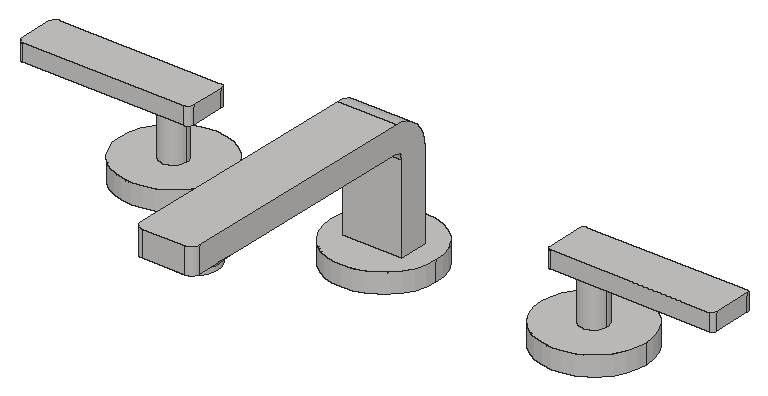
Revit family "SB-2721", category Plumbing Fixtures, Revit 2023
Family settings
  Round Connector Dimension = Use Diameter
  Part Type = Normal
  OmniClass Number = 23.45.00.00
  OmniClass Title = Sanitary, Laundry, and Cleaning Equipment
  Work Plane-Based = No
  Enable Cutting in Views = No
  Always vertical = Yes
  Cut with Voids When Loaded = No
  Maintain Annotation Orientation = No
  Shared = No
  Room Calculation Point = No
Parameters
  Default Elevation = 0' - 0"
Reference planes (in)
  plane 1 "Center (Front/Back)": y = 0
  plane 2: z = 0
  plane 3 "Center (Left/Right)": x = 0
  plane 4: x = -4
  plane 5: x = 4
  plane 6: z = 0.375
  plane 7: z = 1.25
  plane 8: x = -6.625
  plane 9: x = 6.625
  plane 10: x = -0.562
  plane 11: x = 0.562
  plane 12: x = -3.375
  plane 13: x = 3.375
  plane 14: y = -4
  plane 15: z = 2.125
  plane 16: y = 0.27221
  plane 17: y = -5.23479
  plane 18: y = 1
  plane 19: z = 1.625
Forms (in)
  Extrusion 1, solid, material "Metals"
    sketch origin (0, 0, 0) x (1, 0, 0) y (0, 1, 0)
      loop
        circle (-4, 0) r 1
      loop
        circle (0, 0) r 1
      loop
        circle (4, 0) r 1
    from 0 to 0.375
  Extrusion 2, solid, material "Metals"
    sketch origin (0, 0, 0) x (1, 0, 0) y (0, 1, 0)
      loop
        circle (-4, 0) r 0.25
      loop
        circle (4, 0) r 0.25
    from 0.375 to 1.25
  Extrusion 3, solid, material "Metals"
    sketch origin (0, 0, 0) x (1, 0, 0) y (0, 0, 1)
      loop
        line (-6.625, 1.625) -> (-6.625, 1.30082) -> (-3.34938, 1.30082) -> (-3.34938, 1.625) -> (-6.625, 1.625)
      loop
        line (3.44834, 1.625) -> (3.44834, 1.30082) -> (6.625, 1.30082) -> (6.625, 1.625) -> (3.44834, 1.625)
    from -0.43475 to 0.43475
  Extrusion 4, void
    sketch origin (0, 0, 0) x (1, 0, 0) y (0, 1, 0)
      loop
        arc (-6.625, 0.32078) -> (-6.59162, 0.40137) -> (-6.51103, 0.43475) r 0.11397
        line (-6.51103, 0.43475) -> (-6.625, 0.43475) -> (-6.625, 0.32078)
      loop
        line (-6.625, -0.32078) -> (-6.625, -0.43475) -> (-6.51103, -0.43475)
        arc (-6.51103, -0.43475) -> (-6.59162, -0.40137) -> (-6.625, -0.32078) r 0.11397
      loop
        line (-3.34938, 0.32078) -> (-3.34938, 0.43475) -> (-3.46335, 0.43475)
        arc (-3.46335, 0.43475) -> (-3.38276, 0.40137) -> (-3.34938, 0.32078) r 0.11397
      loop
        arc (-3.34938, -0.32078) -> (-3.38276, -0.40137) -> (-3.46335, -0.43475) r 0.11397
        line (-3.46335, -0.43475) -> (-3.34938, -0.43475) -> (-3.34938, -0.32078)
    from 1.30082 to 1.625
  Extrusion 5, void
    sketch origin (0, 0, 0) x (1, 0, 0) y (0, 1, 0)
      loop
        arc (6.55314, 0.43475) -> (6.60395, 0.41371) -> (6.625, 0.3629) r 0.07186
        line (6.625, 0.3629) -> (6.625, 0.43475) -> (6.55314, 0.43475)
      loop
        line (6.55314, -0.43475) -> (6.625, -0.43475) -> (6.625, -0.3629)
        arc (6.625, -0.3629) -> (6.60395, -0.41371) -> (6.55314, -0.43475) r 0.07186
      loop
        line (3.5202, 0.43475) -> (3.44834, 0.43475) -> (3.44834, 0.3629)
        arc (3.44834, 0.3629) -> (3.46939, 0.41371) -> (3.5202, 0.43475) r 0.07186
      loop
        arc (3.5202, -0.43475) -> (3.46939, -0.41371) -> (3.44834, -0.3629) r 0.07186
        line (3.44834, -0.3629) -> (3.44834, -0.43475) -> (3.5202, -0.43475)
    from 1.30082 to 1.625
  Extrusion 6, solid, material "Metals"
    sketch origin (0, 0, 0) x (1, 0, 0) y (0, 1, 0)
      loop
        circle (4, 0) r 0.28937
      loop
        circle (-4, 0) r 0.28937
    from 1.25 to 1.30082
  Extrusion 7, solid, material "Metals"
    sketch origin (0, -0.02221, 0) x (0, 1, 0) y (0, 0, 1)
      loop
        line (-5.21258, 2.70172) -> (-5.21258, 2.21729) -> (-0.42678, 2.21729)
        arc (-0.42678, 2.21729) -> (-0.30178, 2.16552) -> (-0.25, 2.04052) r 0.17678
        line (-0.25, 2.04052) -> (-0.25, 0.375) -> (0.29442, 0.375) -> (0.29442, 2.02899)
        arc (0.29442, 2.02899) -> (0.09739, 2.50469) -> (-0.37831, 2.70172) r 0.67273
        line (-0.37831, 2.70172) -> (-5.21258, 2.70172)
    from -0.562 to 0.562
  Revolve 8, solid, material "Metals"
    sketch origin (0, 0, 0) x (0, 1, 0) y (0, 0, 1)
      loop
        line (-4.4857, 2.21729) -> (-4.4857, 1.97397) -> (-4.05698, 1.97397) -> (-4.05698, 2.0711) -> (-3.91078, 2.21729) -> (-4.4857, 2.21729)
      axis (-4.4857, 1.97397) -> (-4.4857, 2.21729)
    angle from 0 to 360
  Extrusion 9, void
    sketch origin (0, 0, 0) x (1, 0, 0) y (0, 1, 0)
      loop
        line (-0.562, -5.07601) -> (-0.562, -5.23479) -> (-0.40322, -5.23479)
        arc (-0.40322, -5.23479) -> (-0.51549, -5.18828) -> (-0.562, -5.07601) r 0.15878
      loop
        arc (0.562, -5.07601) -> (0.51549, -5.18828) -> (0.40322, -5.23479) r 0.15878
        line (0.40322, -5.23479) -> (0.562, -5.23479) -> (0.562, -5.07601)
    from 0 to 12
Cuts and joins
  Extrusion 4, Extrusion 5 cuts Extrusion 1
  Extrusion 4, Extrusion 5 cuts Extrusion 3
  Extrusion 9 cuts Extrusion 7
Dimensions and locks (in)
  plane 8 to plane 3 "Center (Left/Right)" = 0' - 6 5/8"
  plane 3 "Center (Left/Right)" to plane 9 = 0' - 6 5/8"
  plane 8 to plane 9 = 1' - 1 1/4"
  plane 10 to plane 11 = 0' - 1.124"
  plane 9 to plane 8 = 1' - 1 1/4"
  plane 5 to plane 4 = 0' - 8"
  plane 12 to plane 8 = 0' - 3 1/4"
  plane 13 to plane 9 = 0' - 3 1/4"
  plane 6 to level = 0' - 0 3/8"  (x2)
  plane 14 to plane 1 "Center (Front/Back)" = 0' - 4"
  plane 15 to level = 0' - 2 1/8"
  plane 17 to plane 16 = 0' - 5.507"
  plane 17 to plane 18 = 0' - 6.23479"
  plane 19 to level = 0' - 1 5/8"  (x2)
  aligned and locked: level to plane 2
  aligned and locked: Extrusion 6 to cut or joined group of Extrusion 3, Extrusion 4, Extrusion 5
  aligned and locked: cut or joined group of Extrusion 3, Extrusion 4, Extrusion 5 to Extrusion 6
  aligned and locked: plane 10 to Extrusion 7
  aligned and locked: Extrusion 7 to plane 11
